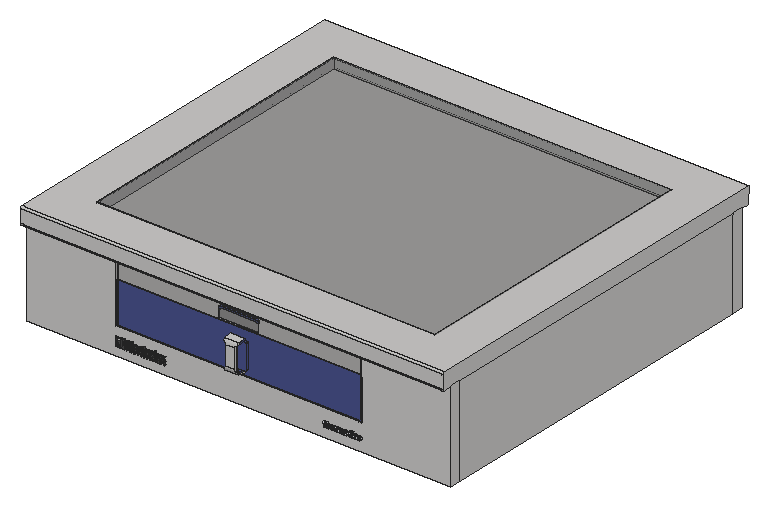
Revit family "QF_ELECTROLUXPROFESSIONAL_589144_MCRBAAJOBO", category Attrezzature speciali, Revit 2020
Family settings
  Quota connettore circolare = Usa diametro
  Tipo di parte = Normale
  Basato su piano di lavoro = No
  Sempre verticale = Sì
  Taglio con vuoti quando caricato = No
  Condiviso = No
  Punto di calcolo locali = No
Parameters (values of type "Standard")
  Weight = 42.00 kg
  Watts = 950 W
  Volts = 230 V
  URL Manufacturer = "https://www.electroluxprofessional.com/"
  URL = "https://www.electroluxprofessional.com/"
  Steam Supply Size = 0"
  Steam Supply Minimum Pressure = 0.00 psi
  Steam Supply Maximum Pressure = 0.00 psi
  Steam Consumption per Hour = 0
  Refrigeration Suction Line Size = 0 mm
  Refrigeration Liquid Line Size = 0 mm
  Refrigerant Compressor Remote = yes
  Prospetto di default = 0 mm
  Phase = 1
  Modello = "MCRBAAJOBO"
  Produttore = "Electrolux Professional"
  Length Actual = 1000 mm  # constant formula
  Item Number = "589144"
  Hot Water Size = 0"
  Height Actual = 250 mm  # constant formula
  HP = "1.3 HP"
  Gas Size = 0"
  Gas KW = 0
  Gas Input Pressure = 0.0 Btu/h
  Direct Waste Size = 0"
  Descrizione = "EL.WARMING PLATE,1S,1000X900X250H"
  Depth Actual = 900 mm  # constant formula
  Cycle = 50 Hz
  Condensate Return Size = 0"
  Compressed Air Volume = 0 GPM
  Compressed Air Size = 0"
  Compressed Air Pressure = 0.00 psi
  Cold Water Size = 0"
  Accessory = yes
Reference planes
  plane 1 "BACK": y = 0
  plane 2: z = 0
  plane 3 "LEFT": x = 0
  plane 4 "RIGHT": x = 1000
  plane 5 "FRONT": y = -900
  plane 6 "TOP": z = 900
  plane 7 "Center (Left/Right)": x = 500
  plane 8: y = -450
  plane 9: y = -150
  plane 10: x = 100
  plane 11: x = 900
  plane 12: y = -100
  plane 13: y = -800
  plane 14 "EIx": x = 955
  plane 15 "EIy": y = -685
  plane 16: z = 938
  plane 17 "BaseTop": z = 650
  plane 18: y = -855
Forms (mm)
  Extrusion 1, solid, material "QF_Finishes_Stainless Steel"
    sketch origin (-178.969, -4572, 100) x (-1, 0, 0) y (0, -1, 0)
      loop
        line (-178.969, -4527) -> (-178.969, -3717) -> (-1178.969, -3717) -> (-1178.969, -4527) -> (-178.969, -4527)
    from 550 to 762.969
  Extrusion 2, solid, material "QF_Finishes_Stainless Steel"
    sketch origin (0, 0, 650) x (-1, 0, 0) y (0, -1, 0)
      loop
        circle (-955, 685) r 6.35
    from 0 to -11.851
  Extrusion 3, solid, material "QF_Finishes_Stainless Steel"
    sketch origin (500, 296.4, 1219.2) x (0, 1, 0) y (0, 0, 1)
      loop
        line (-296.4, -319.2) -> (-1191.4, -319.2)
        arc (-1191.4, -319.2) -> (-1194.935, -320.664) -> (-1196.4, -324.2) r 5
        line (-1196.4, -324.2) -> (-1196.4, -355.2)
        arc (-1196.4, -355.2) -> (-1194.971, -358.264) -> (-1191.705, -359.139) r 4
        line (-1191.705, -359.139) -> (-1176.4, -356.231) -> (-316.4, -356.231) -> (-301.094, -359.139)
        arc (-301.094, -359.139) -> (-297.829, -358.264) -> (-296.4, -355.2) r 4
        line (-296.4, -355.2) -> (-296.4, -319.2)
    from -500 to 500
  Extrusion 4, solid, material "QF_Finishes_Electrolux_Black Smoke Iluminated"
    sketch origin (0, 0, 900) x (-1, 0, 0) y (0, -1, 0)
      loop
        line (-100, 100) -> (-100, 800) -> (-900, 800) -> (-900, 100) -> (-100, 100)
    from 1 to -20
  Extrusion 5, void
    sketch origin (0, 0, 900) x (-1, 0, 0) y (0, -1, 0)
      loop
        line (-100, 800) -> (-900, 800) -> (-900, 100) -> (-100, 100) -> (-100, 800)
    from 0 to -25
  Extrusion 6, solid, material "QF_Finishes_Stainless Steel"
    sketch origin (500, 296.4, 1219.2) x (0, 1, 0) y (0, 0, 1)
      loop
        line (-341.4, -569.2) -> (-316.4, -569.2) -> (-316.4, -356.231) -> (-341.4, -356.231) -> (-341.4, -569.2)
    from 500 to -500
Cuts and joins
  Extrusion 5 cuts Extrusion 3
Lines and regions (mm)
  symbolic lines
    curve 1: line (0, 0, 100) -> (1000, 0, 100)
    curve 2: line (0, -900, 100) -> (0, 0, 100)
    curve 3: line (1000, -900, 100) -> (0, -900, 100)
    curve 4: line (1000, 0, 100) -> (1000, -900, 100)
    curve 5: line (100, -800, 0) -> (900, -800, 0)
    curve 6: line (900, -800, 0) -> (900, -100, 0)
    curve 7: line (900, -100, 0) -> (100, -100, 0)
    curve 8: line (100, -100, 0) -> (100, -800, 0)
Dimensions and locks
  plane 3 "LEFT" to plane 4 "RIGHT" = 1000 mm
  locked: plane 5 "FRONT" to plane 1 "BACK" at 900
  equal spacing: plane 3 "LEFT", plane 7 "Center (Left/Right)", plane 4 "RIGHT"
  equal spacing: plane 5 "FRONT", plane 8, plane 1 "BACK"
  plane 6 "TOP" to level = 900 mm  (x2)
  plane 1 "BACK" to plane 9 = 150 mm
  plane 1 "BACK" to Extrusion 2 = 685 mm
  locked: plane 14 "EIx" to plane 4 "RIGHT" at 45
  locked: plane 15 "EIy" to plane 1 "BACK" at 685
  plane 16 to plane 6 "TOP" = 38 mm
  locked: plane 12 to plane 1 "BACK" at 100
  locked: plane 5 "FRONT" to plane 13 at 100
  plane 3 "LEFT" to plane 10 = 100 mm
  plane 11 to plane 4 "RIGHT" = 100 mm
  locked: plane 6 "TOP" to plane 17 "BaseTop" at 250
  locked: plane 18 to plane 5 "FRONT" at 45
  aligned and locked: level to plane 2
  aligned and locked: cut or joined group of Extrusion 3, Extrusion 5 to plane 3 "LEFT"
  aligned and locked: cut or joined group of Extrusion 3, Extrusion 5 to plane 4 "RIGHT"
  aligned and locked: Extrusion 5 sketch curve to plane 10
  aligned and locked: plane 12 to Extrusion 5 sketch curve
  aligned and locked: plane 11 to Extrusion 5 sketch curve
  aligned and locked: Extrusion 5 sketch curve to plane 13
  aligned and locked: plane 12 to Extrusion 4 sketch curve
  aligned and locked: Extrusion 4 sketch curve to plane 10
  aligned and locked: Extrusion 4 sketch curve to plane 13
  aligned and locked: plane 11 to Extrusion 4 sketch curve
  aligned and locked: nested 1 to plane 18
  aligned and locked: Extrusion 1 to plane 18
  aligned and locked: Extrusion 6 to plane 4 "RIGHT"
  aligned and locked: Extrusion 6 to plane 3 "LEFT"
Automatic sketch dimensions
  Extrusion 3 sketch curve to plane 5 "FRONT" = 0 mm
  Extrusion 3 sketch curve to plane 6 "TOP" = 0 mm
  Extrusion 3 sketch curve to plane 1 "BACK" = 0 mm
  Extrusion 3 sketch curve to plane 5 "FRONT" = 4 mm
  Extrusion 3 sketch curve to Extrusion 3 sketch curve = 0.695 mm
  Extrusion 3 sketch curve to plane 5 "FRONT" = 5 mm
  Extrusion 3 sketch curve to Extrusion 3 sketch curve = 15.305 mm
  plane 1 "BACK" to Extrusion 3 sketch curve = 20 mm
  plane 1 "BACK" to Extrusion 3 sketch curve = 4.695 mm
  Extrusion 3 sketch curve to Extrusion 3 sketch curve = 4 mm
  Extrusion 3 sketch curve to Extrusion 3 sketch curve = 31 mm
  Extrusion 3 sketch curve to plane 6 "TOP" = 36 mm
  Extrusion 3 sketch curve to Extrusion 3 sketch curve = 2.909 mm
  Extrusion 1 sketch curve to plane 4 "RIGHT" = 0 mm
  Extrusion 1 sketch curve to plane 3 "LEFT" = 0 mm
  plane 1 "BACK" to Extrusion 1 sketch curve = 45 mm
  plane 1 "BACK" to curve 1 = 0 mm
  curve 1 to plane 4 "RIGHT" = 0 mm
  curve 2 to plane 3 "LEFT" = 0 mm
  plane 5 "FRONT" to curve 3 = 0 mm
  curve 5 to plane 10 = 0 mm
  curve 5 to plane 11 = 0 mm
  plane 13 to curve 6 = 0 mm
  plane 12 to curve 6 = 0 mm
  Extrusion 2 sketch curve to plane 14 "EIx" = 0 mm
  Extrusion 2 sketch curve to plane 15 "EIy" = 0 mm
  Extrusion 1 sketch curve to plane 5 "FRONT" = 45 mm
  Extrusion 6 sketch curve to plane 17 "BaseTop" = 0 mm
  plane 1 "BACK" to Extrusion 6 sketch curve = 45 mm
  plane 1 "BACK" to Extrusion 6 sketch curve = 20 mm
  Extrusion 6 sketch curve to plane 6 "TOP" = 37.031 mm
  radius of Extrusion 2 sketch curve = 6.35 mm
Nested families
  nested 1: "Front_Panel_W1000_1 Knob" at (302.376, -855, 0), type "Front_Panel_W1000_1 Knob"
Connectors
  electrical at (955, -685, 638.149)
    settings: on Extrusion 2, index 1, voltage 400 V, apparent load 33000 VA, apparent load phase1 0 VA, apparent load phase2 0 VA, apparent load phase3 0 VA, power factor 1, load classification "Other", number of poles 1, system type 30, power factor state 1, is connector primary yes, connector utility no, sub classification motor no, connector description "ELECTRICAL CONNECTION"
Definition of nested family "Front_Panel_W1000_1 Knob"
  Parameters
    Width = 1000 mm
    Default Elevation = 0 mm
  Reference planes
    plane 1 "Center (Front/Back)": y = 0
    plane 2: z = 0
    plane 3 "Center (Left/Right)": x = 197.624
    plane 4 "Left": x = -302.376
    plane 5 "Right": x = 697.624
    plane 6: y = -45
    plane 7: y = -25
    plane 8: x = 487.624
    plane 9: x = -92.376
  Forms (mm)
    Extrusion 1, solid
      sketch origin (833.217, 829.203, -1.25) x (0, 1, 0) y (0, 0, 1)
        loop
          line (-854.203, 651.25) -> (-829.203, 651.25) -> (-829.203, 864.25) -> (-854.203, 864.25) -> (-854.203, 651.25)
      from -1135.593 to -135.593
    Extrusion 2, void
      sketch origin (0, 0, 0) x (1, 0, 0) y (0, 0, 1)
        loop
          line (-92.376, 853.866) -> (-92.376, 711.866) -> (487.624, 711.866) -> (487.624, 853.866) -> (-92.376, 853.866)
      from 19.387 to 33.951
  Cuts and joins
    Extrusion 2 cuts Extrusion 1
  Dimensions and locks
    equal spacing: plane 5 "Right", plane 3 "Center (Left/Right)", plane 4 "Left"
    "Width": plane 5 "Right" to plane 4 "Left"
    aligned and locked: cut or joined group of Extrusion 1, Extrusion 2 to plane 4 "Left"
    aligned and locked: plane 5 "Right" to cut or joined group of Extrusion 1, Extrusion 2
    aligned and locked: plane 3 "Center (Left/Right)" to nested 1
    aligned and locked: cut or joined group of Extrusion 1, Extrusion 2 to nested 1
    aligned and locked: plane 9 to Extrusion 2 sketch curve
    aligned and locked: Extrusion 2 sketch curve to plane 8
    aligned and locked: plane 9 to cut or joined group of Extrusion 1, Extrusion 2
    aligned and locked: plane 8 to cut or joined group of Extrusion 1, Extrusion 2
    aligned and locked: nested 4 to plane 9
  Automatic sketch dimensions
    Extrusion 1 sketch curve to plane 1 "Center (Front/Back)" = 0 mm
    level to Extrusion 1 sketch curve = 650 mm
    level to Extrusion 2 sketch curve = 711.866 mm
    Extrusion 2 sketch curve to Extrusion 2 sketch curve = 142 mm
    Extrusion 1 sketch curve to plane 6 = 20 mm
    Extrusion 1 sketch curve to Extrusion 1 sketch curve = 213 mm
  Nested families
    nested 1: "Front glass control panel W580_1 Knob" at (197.624, 280.644, 2.752), type "Front glass control panel W580_1 Knob"
    nested 2: "Range Control Handle" at (197.624, -28.137, -209.113) x (-1, 0, 0) z (0, 0, 1), type "Range Control Handle"
    nested 3: "ELX_ThermaLine_Small" at (439.031, -25, 679.426) x (1, 0, 0) z (0, -1, 0), type "ELX_ThermaLine_Small"
      with Show Logo yes, Material_Logo none
    nested 4: "ELX_Professional_Logo_Small" at (-32.89, -25, 681.659) x (1, 0, 0) z (0, -1, 0), type "ELX_Professional_Logo_Small"
      with Show Logo yes, Material_Logo none
  Definition of nested family "Front glass control panel W580_1 Knob"
    Parameters
      Default Elevation = 0 mm
    Reference planes
      plane 1 "Center (Front/Back)": y = 0
      plane 2: z = 0
      plane 3 "Center (Left/Right)": x = 0
    Forms (mm)
      Extrusion 1, solid
        sketch origin (378.286, 0, 0.617) x (1, 0, 0) y (0, 0, 1)
          loop
            line (-668.286, 806.791) -> (-668.286, 708.497) -> (-88.286, 708.497) -> (-88.286, 806.791) -> (-668.286, 806.791)
        from 300.031 to 304.8
      Extrusion 2, solid
        sketch origin (378.286, 0, 0.617) x (1, 0, 0) y (0, 0, 1)
          loop
            line (-668.286, 850.497) -> (-668.286, 806.791) -> (-88.286, 806.791) -> (-88.286, 850.497) -> (-668.286, 850.497)
        from 300.031 to 304.8
      Extrusion 3, void
        sketch origin (378.286, 0, 0.617) x (1, 0, 0) y (0, 0, 1)
          loop
            line (-665.628, 847.565) -> (-665.628, 710.699) -> (-91.196, 710.699) -> (-91.196, 847.565) -> (-665.628, 847.565)
        from 303.697 to 304.8
      Extrusion 4, solid
        sketch origin (308.309, 1.101, -0.633) x (1, 0, 0) y (0, 0, 1)
          loop
            line (-261.431, 812.62) -> (-261.431, 834.177) -> (-266.24, 834.177) -> (-268.039, 835.977) -> (-348.469, 835.977) -> (-350.269, 834.177) -> (-355.186, 834.177) -> (-355.186, 812.62) -> (-261.431, 812.62)
        from 304.798 to 306.745
      Extrusion 5, solid
        sketch origin (308.309, 1.101, -0.633) x (1, 0, 0) y (0, 0, 1)
          loop
            line (-350.269, 834.177) -> (-348.469, 835.977) -> (-268.039, 835.977) -> (-266.24, 834.177) -> (-261.529, 834.177)
            arc (-261.529, 834.177) -> (-262.706, 838.752) -> (-266.98, 840.763) r 5.549
            line (-266.98, 840.763) -> (-349.686, 840.763)
            arc (-349.686, 840.763) -> (-353.942, 838.747) -> (-355.078, 834.177) r 5.5
            line (-355.078, 834.177) -> (-350.269, 834.177)
        from 304.798 to 306.745
    Cuts and joins
      Extrusion 3 cuts Extrusion 1
      Extrusion 3 cuts Extrusion 2
    Dimensions and locks
      equal spacing: cut or joined group of Extrusion 2, Extrusion 3, plane 3 "Center (Left/Right)", cut or joined group of Extrusion 2, Extrusion 3
      cut or joined group of Extrusion 2, Extrusion 3 to cut or joined group of Extrusion 2, Extrusion 3 = 580 mm
      aligned and locked: Extrusion 1 to Extrusion 2
      aligned and locked: Extrusion 5 sketch curve to Extrusion 4  (x4)
      aligned and locked: Extrusion 4 to Extrusion 5 sketch curve
      aligned and locked: Extrusion 5 to Extrusion 4
    Automatic sketch dimensions
      Extrusion 1 sketch curve to plane 3 "Center (Left/Right)" = 290 mm
      plane 3 "Center (Left/Right)" to Extrusion 1 sketch curve = 290 mm
      level to Extrusion 1 sketch curve = 709.114 mm
      Extrusion 1 sketch curve to Extrusion 1 sketch curve = 98.294 mm
      Extrusion 2 sketch curve to plane 3 "Center (Left/Right)" = 290 mm
      plane 3 "Center (Left/Right)" to Extrusion 2 sketch curve = 290 mm
      level to Extrusion 2 sketch curve = 807.408 mm
      Extrusion 2 sketch curve to Extrusion 2 sketch curve = 43.706 mm
      Extrusion 3 sketch curve to plane 3 "Center (Left/Right)" = 287.342 mm
      plane 3 "Center (Left/Right)" to Extrusion 3 sketch curve = 287.091 mm
      level to Extrusion 3 sketch curve = 711.316 mm
      Extrusion 3 sketch curve to Extrusion 3 sketch curve = 136.866 mm
      Extrusion 4 sketch curve to plane 3 "Center (Left/Right)" = 46.877 mm
      Extrusion 4 sketch curve to Extrusion 4 sketch curve = 4.917 mm
      Extrusion 4 sketch curve to Extrusion 4 sketch curve = 1.8 mm  (x3)
      plane 3 "Center (Left/Right)" to Extrusion 4 sketch curve = 40.269 mm
      Extrusion 4 sketch curve to Extrusion 4 sketch curve = 4.809 mm
      level to Extrusion 4 sketch curve = 811.987 mm
      Extrusion 4 sketch curve to Extrusion 4 sketch curve = 21.557 mm  (x2)
      Extrusion 5 sketch curve to Extrusion 5 sketch curve = 4.809 mm
      Extrusion 5 sketch curve to Extrusion 5 sketch curve = 0.583 mm
      plane 3 "Center (Left/Right)" to Extrusion 5 sketch curve = 40.269 mm
      Extrusion 5 sketch curve to Extrusion 5 sketch curve = 1.059 mm
      Extrusion 5 sketch curve to Extrusion 5 sketch curve = 0.741 mm
      Extrusion 5 sketch curve to Extrusion 5 sketch curve = 4.711 mm
      Extrusion 5 sketch curve to Extrusion 5 sketch curve = 1.037 mm
  Definition of nested family "Range Control Handle"
    Parameters
      Default Elevation = 0 mm
    Reference planes
      plane 1 "Center (Front/Back)": y = 0
      plane 2: z = 0
      plane 3 "Center (Left/Right)": x = 0
      plane 4: z = 971.092
      plane 5: y = -16.9
    Forms (mm)
      Extrusion 1, solid
        sketch origin (-746.28, 380.497, 208.931) x (-1, 0, 0) y (0, 0, 1)
          loop
            line (-770.101, 786.798) -> (-770.101, 731.649)
            arc (-770.101, 731.649) -> (-769.759, 730.563) -> (-768.855, 729.87) r 1.893
            line (-768.855, 729.87) -> (-763.474, 727.911) -> (-729.81, 727.911) -> (-724.428, 729.87)
            arc (-724.428, 729.87) -> (-723.525, 730.563) -> (-723.183, 731.649) r 1.893
            line (-723.183, 731.649) -> (-723.183, 786.798)
            arc (-723.183, 786.798) -> (-723.529, 787.894) -> (-724.44, 788.593) r 1.91
            line (-724.44, 788.593) -> (-729.683, 790.819) -> (-763.601, 790.819) -> (-768.844, 788.593)
            arc (-768.844, 788.593) -> (-769.755, 787.894) -> (-770.101, 786.798) r 1.91
        from -382.35 to -378.852
      Sweep 2, solid
        path origin (-746.788, 380.496, 208.091) x (0, -1, 0) y (0, 0, 1)
          loop
            line (379.775, 793.281) -> (395.661, 791.048)
            arc (395.661, 791.048) -> (397.781, 787.377) -> (398.517, 783.202) r 12.207
            line (398.517, 783.202) -> (398.517, 737.368)
            arc (398.517, 737.368) -> (397.781, 733.193) -> (395.661, 729.522) r 12.207
            line (395.661, 729.522) -> (379.775, 727.289)
        profile origin (-746.788, -7.222, 1000.256) x (0, -0.139173, 0.990268) y (-1, 0, 0)
          loop
            line (0.782, -763.123) -> (0.782, -730.907) -> (-1.322, -730.907) -> (-1.322, -763.123) -> (0.782, -763.123)
      Sweep 3, solid
        path origin (-746.788, 380.715, 207.832) x (0, -1, 0) y (0, 0, 1)
          loop
            line (380.478, 795.442) -> (397.218, 793.09)
            arc (397.218, 793.09) -> (399.929, 788.473) -> (400.871, 783.202) r 15.207
            line (400.871, 783.202) -> (400.871, 737.584)
            arc (400.871, 737.584) -> (399.914, 732.274) -> (397.164, 727.633) r 15.207
            line (397.164, 727.633) -> (380.601, 725.305)
        profile origin (-746.788, -8.132, 1002.099) x (0, -0.139173, 0.990268) y (-1, 0, 0)
          loop
            line (0.782, -763.123) -> (0.782, -730.907) -> (-1.322, -730.907) -> (-1.322, -763.123) -> (0.782, -763.123)
      Extrusion 4, void
        sketch origin (889.253, 220.666, 207.993) x (1, 0, 0) y (0, 0, 1)
          loop
            line (-943.038, 816.854) -> (-943.038, 703.686) -> (-899.466, 734.196) -> (-899.466, 786.344) -> (-943.038, 816.854)
        from 230.636 to 242.25
      Extrusion 5, void
        sketch origin (-888.8, 220.666, 207.993) x (-1, 0, 0) y (0, 0, -1)
          loop
            line (-943.038, -816.854) -> (-899.466, -786.344) -> (-899.466, -734.196) -> (-943.038, -703.686) -> (-943.038, -816.854)
        from 230.636 to 242.25
      Extrusion 6, solid
        sketch origin (0, 0, 0) x (1, 0, 0) y (0, 0, 1)
          loop
            circle (0, 971.092) r 7.736
        from -3.137 to -1.645
    Cuts and joins
      Extrusion 4, Extrusion 5 cuts Sweep 3
      Extrusion 4, Extrusion 5 cuts Sweep 2
      joined: Extrusion 1, Extrusion 6
    Lines and regions (mm)
      symbolic lines
        curve 1: line (16.334, -16.9, 0) -> (16.334, -19.227, 0)
        curve 2: spline (16.334, -19.227, 0) -> (15.87, -19.385, 0) -> (15.404, -19.536, 0) -> (14.936, -19.678, 0) -> (14.466, -19.813, 0) -> (13.995, -19.94, 0) -> (13.523, -20.059, 0) -> (13.049, -20.171, 0) -> (12.575, -20.274, 0) -> (12.099, -20.37, 0) -> (11.622, -20.458, 0) -> (11.144, -20.537, 0) -> (10.666, -20.609, 0)
        curve 3: line (10.666, -16.9, 0) -> (10.666, -20.938, 0)
        curve 4: line (-10.213, -20.938, 0) -> (10.666, -20.938, 0)
        curve 5: line (-10.213, -20.938, 0) -> (-10.213, -16.9, 0)
        curve 6: spline (-10.213, -20.609, 0) -> (-10.691, -20.537, 0) -> (-11.169, -20.458, 0) -> (-11.646, -20.37, 0) -> (-12.122, -20.274, 0) -> (-12.597, -20.171, 0) -> (-13.07, -20.059, 0) -> (-13.542, -19.94, 0) -> (-14.013, -19.813, 0) -> (-14.483, -19.678, 0) -> (-14.951, -19.536, 0) -> (-15.417, -19.385, 0) -> (-15.881, -19.227, 0)
        curve 7: line (-15.881, -19.227, 0) -> (-15.881, -16.9, 0)
  Definition of nested family "ELX_ThermaLine_Small"
    Parameters
      Show Logo [instance] = yes
      Material_Logo [instance] = none
      Default Elevation = 0 mm
    Reference planes
      plane 1 "Centro (Fronte/Retro)": y = 0
      plane 2: z = 0
      plane 3 "Centro (Sinistra/Destra)": x = 0
    Forms (mm)
      Extrusion 1, solid
        sketch origin (0, 0, 0) x (1, 0, 0) y (0, 1, 0)
          loop
            line (-1219.2, 1219.2) -> (-1219.2, -1219.2) -> (1219.2, -1219.2) -> (1219.2, 1219.2) -> (-1219.2, 1219.2)
        from 0 to -304.8
      Extrusion 2, solid
        sketch origin (0, 0, 0) x (1, 0, 0) y (0, 1, 0)
          loop
            line (-37.494, 1.229) -> (-35.908, 1.229) -> (-35.908, 3.066) -> (-37.494, 3.066) -> (-37.494, 6.221) -> (-39.867, 4.881) -> (-39.867, 3.066) -> (-40.969, 3.066) -> (-40.969, 1.229) -> (-39.867, 1.229) -> (-39.867, -3.407)
            arc (-39.867, -3.407) -> (-38.982, -5.513) -> (-36.751, -6.001) r 2.478
            line (-36.751, -6.001) -> (-35.638, -5.7) -> (-35.9, -3.835) -> (-36.661, -4.039)
            arc (-36.661, -4.039) -> (-37.236, -3.924) -> (-37.494, -3.399) r 0.662
            line (-37.494, -3.399) -> (-37.494, 1.229)
          loop
            line (-34.242, 6.539) -> (-34.242, -5.848) -> (-31.854, -5.848) -> (-31.854, -0.078)
            arc (-31.854, -0.078) -> (-30.939, 1.249) -> (-29.33, 1.367) r 1.866
            arc (-29.33, 1.367) -> (-28.695, 0.768) -> (-28.461, -0.073) r 1.627
            line (-28.461, -0.073) -> (-28.461, -5.848) -> (-26.086, -5.848) -> (-26.064, -0.46)
            arc (-26.064, -0.46) -> (-26.261, 0.932) -> (-26.786, 2.237) r 5.825
            arc (-26.786, 2.237) -> (-29.381, 3.264) -> (-31.854, 1.971) r 3.353
            line (-31.854, 1.971) -> (-31.854, 6.539) -> (-34.242, 6.539)
          loop
            arc (-18.398, -0.598) -> (-18.893, 0.879) -> (-20.326, 1.487) r 1.897
            arc (-20.326, 1.487) -> (-21.461, 0.708) -> (-21.897, -0.598) r 2.164
            line (-21.897, -0.598) -> (-18.398, -0.598)
          loop
            arc (-16.021, -2.044) -> (-16.754, 1.227) -> (-19.444, 3.226) r 4.814
            arc (-19.444, 3.226) -> (-22.137, 2.788) -> (-23.943, 0.743) r 4.054
            arc (-23.943, 0.743) -> (-24.382, -1.249) -> (-24.162, -3.276) r 6.289
            arc (-24.162, -3.276) -> (-23.302, -4.71) -> (-21.958, -5.705) r 4.28
            arc (-21.958, -5.705) -> (-18.558, -5.814) -> (-16.152, -3.409) r 4.28
            line (-16.152, -3.409) -> (-18.5, -2.995)
            arc (-18.5, -2.995) -> (-19.273, -3.994) -> (-20.533, -4.076) r 1.536
            arc (-20.533, -4.076) -> (-21.56, -3.281) -> (-21.958, -2.044) r 2.197
            line (-21.958, -2.044) -> (-16.021, -2.044)
          loop
            line (-14.165, -5.848) -> (-11.819, -5.848) -> (-11.819, -2.138)
            arc (-11.819, -2.138) -> (-11.787, -1.156) -> (-11.637, -0.185) r 8.18
            arc (-11.637, -0.185) -> (-10.644, 0.972) -> (-9.132, 0.776) r 1.603
            line (-9.132, 0.776) -> (-8.419, 2.846)
            arc (-8.419, 2.846) -> (-10.432, 3.118) -> (-11.994, 1.821) r 2.527
            line (-11.994, 1.821) -> (-11.994, 3.094) -> (-14.165, 3.094) -> (-14.165, -5.848)
          loop
            line (-7.579, 3.094) -> (-7.579, -5.848) -> (-5.178, -5.848) -> (-5.178, -0.756)
            arc (-5.178, -0.756) -> (-4.727, 0.679) -> (-3.417, 1.419) r 2.05
            arc (-3.417, 1.419) -> (-2.499, 0.908) -> (-2.155, -0.085) r 1.471
            line (-2.155, -0.085) -> (-2.155, -5.848) -> (0.23, -5.848) -> (0.23, -1.001)
            arc (0.23, -1.001) -> (0.47, 0.127) -> (1.148, 1.061) r 2.775
            arc (1.148, 1.061) -> (2.225, 1.329) -> (3.05, 0.587) r 1.182
            arc (3.05, 0.587) -> (3.199, -0.019) -> (3.214, -0.642) r 2.894
            line (3.214, -0.642) -> (3.214, -5.848) -> (5.601, -5.848) -> (5.601, 0.261)
            arc (5.601, 0.261) -> (4.87, 2.263) -> (2.976, 3.241) r 2.932
            arc (2.976, 3.241) -> (1.284, 2.973) -> (-0.047, 1.896) r 3.309
            arc (-0.047, 1.896) -> (-1.116, 2.865) -> (-2.506, 3.258) r 3.16
            arc (-2.506, 3.258) -> (-4.105, 2.942) -> (-5.376, 1.92) r 3.419
            line (-5.376, 1.92) -> (-5.376, 3.094) -> (-7.579, 3.094)
          loop
            line (7.583, 0.738) -> (9.702, 0.364)
            arc (9.702, 0.364) -> (11.441, 1.492) -> (12.855, -0.023) r 1.613
            line (12.855, -0.023) -> (9.782, -0.789)
            arc (9.782, -0.789) -> (8.559, -1.346) -> (7.617, -2.305) r 3.687
            arc (7.617, -2.305) -> (7.499, -3.681) -> (7.901, -5.003) r 3.651
            arc (7.901, -5.003) -> (9.107, -5.766) -> (10.515, -6.006) r 3.635
            arc (10.515, -6.006) -> (11.898, -5.697) -> (13.067, -4.895) r 3.734
            line (13.067, -4.895) -> (13.376, -5.848) -> (15.75, -5.848) -> (15.212, -4.193) -> (15.212, 0.38)
            arc (15.212, 0.38) -> (14.897, 1.849) -> (13.818, 2.895) r 2.585
            arc (13.818, 2.895) -> (11.792, 3.442) -> (9.719, 3.11) r 5.005
            arc (9.719, 3.11) -> (8.369, 2.178) -> (7.583, 0.738) r 3.54
          loop
            line (19.723, -5.848) -> (22.233, -5.848) -> (24.854, 6.484) -> (22.345, 6.484) -> (19.723, -5.848)
          loop
            line (24.583, -5.848) -> (26.953, -5.848) -> (28.848, 3.066) -> (26.478, 3.066) -> (24.583, -5.848)
          loop
            line (27.204, 6.484) -> (26.741, 4.305) -> (29.111, 4.305) -> (29.575, 6.484) -> (27.204, 6.484)
          loop
            line (29.355, -5.848) -> (31.849, -5.848) -> (33.098, 0.028)
            arc (33.098, 0.028) -> (34.169, 1.306) -> (35.832, 1.422) r 2.132
            arc (35.832, 1.422) -> (36.324, 0.752) -> (36.383, -0.078) r 1.5
            line (36.383, -0.078) -> (35.157, -5.848) -> (37.536, -5.848) -> (38.936, 0.738)
            arc (38.936, 0.738) -> (38.775, 2.091) -> (37.825, 3.066) r 2.118
            arc (37.825, 3.066) -> (35.392, 3.175) -> (33.295, 1.937) r 4.271
            line (33.295, 1.937) -> (33.535, 3.066) -> (31.25, 3.066) -> (29.355, -5.848)
          loop
            line (42.792, -0.64) -> (46.589, -0.64)
            arc (46.589, -0.64) -> (46.639, 0.124) -> (46.327, 0.823) r 1.589
            arc (46.327, 0.823) -> (45.117, 1.521) -> (43.762, 1.183) r 1.865
            arc (43.762, 1.183) -> (43.141, 0.344) -> (42.792, -0.64) r 3.538
          loop
            line (42.565, -2.138) -> (48.593, -2.138)
            arc (48.593, -2.138) -> (48.58, 0.597) -> (46.983, 2.818) r 4.494
            arc (46.983, 2.818) -> (44.191, 3.28) -> (41.725, 1.891) r 4.26
            arc (41.725, 1.891) -> (40.503, -0.3) -> (40.284, -2.799) r 6.003
            arc (40.284, -2.799) -> (40.959, -4.468) -> (42.377, -5.576) r 3.482
            arc (42.377, -5.576) -> (44.265, -5.961) -> (46.152, -5.576) r 4.823
            arc (46.152, -5.576) -> (47.432, -4.731) -> (48.328, -3.485) r 4.245
            line (48.328, -3.485) -> (46.168, -3.105)
            arc (46.168, -3.105) -> (45.214, -4.072) -> (43.859, -4.181) r 1.953
            arc (43.859, -4.181) -> (42.821, -3.408) -> (42.565, -2.138) r 1.81
          loop
            line (12.868, -1.553) -> (10.216, -2.214)
            arc (10.216, -2.214) -> (9.747, -3.136) -> (10.216, -4.058) r 1.14
            arc (10.216, -4.058) -> (11.537, -4.249) -> (12.614, -3.46) r 1.763
            arc (12.614, -3.46) -> (12.858, -2.522) -> (12.868, -1.553) r 3.97
        from 0 to 1.6
    Dimensions and locks
      aligned and locked: plane 2 to Extrusion 1
      aligned and locked: level to Extrusion 1
  Definition of nested family "ELX_Professional_Logo_Small"
    Parameters
      Show Logo [instance] = yes
      Material_Logo [instance] = none
      Default Elevation = 0 mm
    Reference planes
      plane 1 "Centro (Fronte/Retro)": y = 0
      plane 2: z = 0
      plane 3 "Centro (Sinistra/Destra)": x = 0
    Forms (mm)
      Extrusion 1, solid
        sketch origin (0, 0, 0) x (1, 0, 0) y (0, 1, 0)
          loop
            line (-1219.2, 1219.2) -> (-1219.2, -1219.2) -> (1219.2, -1219.2) -> (1219.2, 1219.2) -> (-1219.2, 1219.2)
        from 0 to -304.8
      Extrusion 2, solid, material <- "Material_Logo"
        sketch origin (15.5, 0, 0) x (1, 0, 0) y (0, 1, 0)
          loop
            spline (-42.99, -1.24) -> (-43.195, -1.231) -> (-43.415, -1.203) -> (-43.642, -1.152) -> (-43.87, -1.074) -> (-44.095, -0.966) -> (-44.309, -0.825) -> (-44.506, -0.647) -> (-44.681, -0.429) -> (-44.828, -0.167) -> (-44.94, 0.142) -> (-45.011, 0.501) -> (-45.037, 0.915)
            line (-45.037, 0.915) -> (-45.037, 2.748) -> (-38.984, 2.748) -> (-38.984, 5.086) -> (-45.038, 5.086) -> (-45.038, 8.489) -> (-38.599, 8.489) -> (-38.599, 10.82) -> (-47.515, 10.82) -> (-47.515, 1.021)
            spline (-47.515, 1.021) -> (-47.493, 0.418) -> (-47.425, -0.15) -> (-47.311, -0.682) -> (-47.15, -1.175) -> (-46.939, -1.628) -> (-46.678, -2.038) -> (-46.365, -2.404) -> (-46, -2.723) -> (-45.58, -2.995) -> (-45.105, -3.216) -> (-44.573, -3.385) -> (-43.983, -3.499)
            line (-43.983, -3.499) -> (-43.01, -3.569) -> (-38.426, -3.569) -> (-38.426, -1.24) -> (-42.99, -1.24)
          loop
            line (-36.666, 4.021) -> (-36.666, -3.573) -> (-34.188, -3.573) -> (-34.188, 10.824) -> (-36.666, 10.824) -> (-36.666, 4.021)
          loop
            spline (-21.915, 1.897) -> (-21.957, 2.615) -> (-22.082, 3.303) -> (-22.285, 3.955) -> (-22.563, 4.564) -> (-22.913, 5.124) -> (-23.331, 5.629) -> (-23.814, 6.074) -> (-24.359, 6.451) -> (-24.961, 6.755) -> (-25.618, 6.98) -> (-26.326, 7.119) -> (-27.081, 7.167)
            spline (-27.081, 7.167) -> (-27.853, 7.122) -> (-28.586, 6.99) -> (-29.275, 6.774) -> (-29.915, 6.478) -> (-30.5, 6.104) -> (-31.024, 5.657) -> (-31.483, 5.138) -> (-31.871, 4.553) -> (-32.182, 3.904) -> (-32.411, 3.194) -> (-32.552, 2.427) -> (-32.6, 1.606)
            spline (-32.6, 1.606) -> (-32.553, 0.805) -> (-32.416, 0.057) -> (-32.193, -0.637) -> (-31.887, -1.271) -> (-31.504, -1.843) -> (-31.048, -2.35) -> (-30.523, -2.788) -> (-29.934, -3.154) -> (-29.284, -3.444) -> (-28.579, -3.656) -> (-27.822, -3.785) -> (-27.019, -3.829)
            spline (-27.019, -3.829) -> (-26.627, -3.82) -> (-26.239, -3.79) -> (-25.856, -3.739) -> (-25.477, -3.663) -> (-25.103, -3.562) -> (-24.734, -3.432) -> (-24.369, -3.273) -> (-24.01, -3.082) -> (-23.655, -2.858) -> (-23.305, -2.597) -> (-22.96, -2.299) -> (-22.621, -1.962)
            line (-22.621, -1.962) -> (-24.114, -0.509)
            spline (-24.114, -0.509) -> (-24.311, -0.699) -> (-24.509, -0.872) -> (-24.71, -1.03) -> (-24.915, -1.172) -> (-25.126, -1.297) -> (-25.346, -1.407) -> (-25.576, -1.5) -> (-25.817, -1.576) -> (-26.072, -1.636) -> (-26.342, -1.678) -> (-26.629, -1.704) -> (-26.936, -1.713)
            spline (-26.936, -1.713) -> (-27.384, -1.691) -> (-27.805, -1.625) -> (-28.196, -1.518) -> (-28.556, -1.372) -> (-28.882, -1.187) -> (-29.174, -0.966) -> (-29.429, -0.71) -> (-29.645, -0.422) -> (-29.821, -0.102) -> (-29.955, 0.247) -> (-30.045, 0.623) -> (-30.089, 1.026)
            line (-30.089, 1.026) -> (-21.956, 1.026) -> (-21.915, 1.897)
          loop
            spline (-24.446, 2.769) -> (-24.47, 3.075) -> (-24.54, 3.37) -> (-24.654, 3.65) -> (-24.807, 3.913) -> (-24.996, 4.156) -> (-25.219, 4.376) -> (-25.472, 4.57) -> (-25.753, 4.736) -> (-26.057, 4.869) -> (-26.382, 4.968) -> (-26.724, 5.03) -> (-27.081, 5.051)
            spline (-27.081, 5.051) -> (-27.464, 5.03) -> (-27.832, 4.97) -> (-28.183, 4.872) -> (-28.513, 4.74) -> (-28.819, 4.577) -> (-29.099, 4.384) -> (-29.347, 4.165) -> (-29.563, 3.923) -> (-29.742, 3.659) -> (-29.881, 3.377) -> (-29.977, 3.079) -> (-30.027, 2.769)
            line (-30.027, 2.769) -> (-24.446, 2.769)
          loop
            spline (-18.167, 1.669) -> (-18.138, 2.13) -> (-18.055, 2.567) -> (-17.921, 2.978) -> (-17.739, 3.358) -> (-17.512, 3.705) -> (-17.243, 4.016) -> (-16.937, 4.287) -> (-16.596, 4.517) -> (-16.223, 4.7) -> (-15.823, 4.835) -> (-15.398, 4.919) -> (-14.951, 4.947)
            spline (-14.951, 4.947) -> (-14.677, 4.938) -> (-14.414, 4.913) -> (-14.162, 4.871) -> (-13.921, 4.812) -> (-13.69, 4.738) -> (-13.467, 4.649) -> (-13.254, 4.544) -> (-13.048, 4.424) -> (-12.85, 4.291) -> (-12.659, 4.143) -> (-12.474, 3.981) -> (-12.295, 3.806)
            line (-12.295, 3.806) -> (-10.76, 5.403)
            spline (-10.76, 5.403) -> (-11.065, 5.709) -> (-11.38, 5.984) -> (-11.703, 6.228) -> (-12.035, 6.443) -> (-12.375, 6.63) -> (-12.723, 6.788) -> (-13.078, 6.92) -> (-13.44, 7.026) -> (-13.809, 7.107) -> (-14.184, 7.164) -> (-14.564, 7.198) -> (-14.951, 7.209)
            spline (-14.951, 7.209) -> (-15.725, 7.161) -> (-16.467, 7.02) -> (-17.169, 6.792) -> (-17.826, 6.482) -> (-18.43, 6.096) -> (-18.976, 5.637) -> (-19.455, 5.112) -> (-19.862, 4.525) -> (-20.19, 3.882) -> (-20.433, 3.189) -> (-20.584, 2.449) -> (-20.635, 1.669)
            spline (-20.635, 1.669) -> (-20.584, 0.889) -> (-20.433, 0.149) -> (-20.19, -0.545) -> (-19.862, -1.187) -> (-19.455, -1.774) -> (-18.976, -2.299) -> (-18.43, -2.758) -> (-17.826, -3.145) -> (-17.169, -3.454) -> (-16.467, -3.682) -> (-15.725, -3.823) -> (-14.951, -3.871)
            spline (-14.951, -3.871) -> (-14.564, -3.86) -> (-14.184, -3.826) -> (-13.809, -3.77) -> (-13.44, -3.689) -> (-13.078, -3.583) -> (-12.723, -3.451) -> (-12.375, -3.292) -> (-12.035, -3.105) -> (-11.703, -2.89) -> (-11.38, -2.646) -> (-11.065, -2.371) -> (-10.76, -2.066)
            line (-10.76, -2.066) -> (-12.295, -0.468)
            spline (-12.295, -0.468) -> (-12.474, -0.643) -> (-12.659, -0.805) -> (-12.85, -0.953) -> (-13.048, -1.087) -> (-13.254, -1.206) -> (-13.467, -1.311) -> (-13.69, -1.4) -> (-13.921, -1.475) -> (-14.162, -1.533) -> (-14.414, -1.575) -> (-14.677, -1.6) -> (-14.951, -1.609)
            spline (-14.951, -1.609) -> (-15.398, -1.581) -> (-15.823, -1.497) -> (-16.223, -1.362) -> (-16.596, -1.179) -> (-16.937, -0.95) -> (-17.243, -0.678) -> (-17.512, -0.367) -> (-17.739, -0.02) -> (-17.921, 0.36) -> (-18.055, 0.771) -> (-18.138, 1.208) -> (-18.167, 1.669)
          loop
            spline (-4.441, -1.243) -> (-4.659, -1.247) -> (-4.894, -1.23) -> (-5.137, -1.19) -> (-5.384, -1.121) -> (-5.628, -1.021) -> (-5.864, -0.884) -> (-6.084, -0.708) -> (-6.283, -0.488) -> (-6.454, -0.219) -> (-6.592, 0.101) -> (-6.69, 0.478) -> (-6.742, 0.914)
            line (-6.742, 0.914) -> (-6.742, 4.587) -> (-4.487, 4.587) -> (-4.487, 6.838) -> (-6.738, 6.838) -> (-6.738, 10.824) -> (-9.217, 10.824) -> (-9.217, 0.773)
            spline (-9.217, 0.773) -> (-9.164, 0.19) -> (-9.068, -0.358) -> (-8.928, -0.87) -> (-8.742, -1.343) -> (-8.511, -1.777) -> (-8.232, -2.168) -> (-7.904, -2.515) -> (-7.527, -2.816) -> (-7.098, -3.069) -> (-6.618, -3.273) -> (-6.084, -3.426) -> (-5.496, -3.525)
            line (-5.496, -3.525) -> (-4.45, -3.573) -> (-4.441, -1.243)
          loop
            spline (3.898, 6.983) -> (3.469, 7.009) -> (3.056, 7.001) -> (2.661, 6.961) -> (2.283, 6.888) -> (1.925, 6.785) -> (1.588, 6.652) -> (1.272, 6.49) -> (0.979, 6.301) -> (0.71, 6.085) -> (0.465, 5.844) -> (0.247, 5.578) -> (0.056, 5.289)
            line (0.056, 5.289) -> (0.056, 6.838) -> (-2.402, 6.838) -> (-2.402, -3.572) -> (0.056, -3.572) -> (0.056, 1.901)
            spline (0.056, 1.901) -> (0.079, 2.316) -> (0.145, 2.703) -> (0.254, 3.06) -> (0.404, 3.386) -> (0.592, 3.679) -> (0.818, 3.938) -> (1.08, 4.162) -> (1.375, 4.348) -> (1.703, 4.495) -> (2.062, 4.602) -> (2.45, 4.668) -> (2.865, 4.69)
            line (2.865, 4.69) -> (3.898, 4.586) -> (3.898, 6.983)
          loop
            spline (15.638, 1.633) -> (15.586, 2.396) -> (15.435, 3.124) -> (15.192, 3.81) -> (14.863, 4.449) -> (14.455, 5.034) -> (13.975, 5.56) -> (13.43, 6.021) -> (12.826, 6.411) -> (12.17, 6.724) -> (11.469, 6.955) -> (10.729, 7.098) -> (9.958, 7.147)
            spline (9.958, 7.147) -> (9.182, 7.098) -> (8.44, 6.955) -> (7.737, 6.724) -> (7.081, 6.411) -> (6.477, 6.021) -> (5.933, 5.56) -> (5.454, 5.034) -> (5.048, 4.449) -> (4.721, 3.81) -> (4.479, 3.124) -> (4.329, 2.396) -> (4.277, 1.633)
            spline (4.277, 1.633) -> (4.329, 0.869) -> (4.479, 0.141) -> (4.721, -0.544) -> (5.048, -1.183) -> (5.454, -1.768) -> (5.933, -2.294) -> (6.477, -2.755) -> (7.081, -3.145) -> (7.737, -3.459) -> (8.44, -3.69) -> (9.182, -3.833) -> (9.958, -3.882)
            spline (9.958, -3.882) -> (10.729, -3.833) -> (11.469, -3.69) -> (12.17, -3.459) -> (12.826, -3.145) -> (13.43, -2.755) -> (13.975, -2.294) -> (14.455, -1.768) -> (14.863, -1.183) -> (15.192, -0.544) -> (15.435, 0.141) -> (15.586, 0.869) -> (15.638, 1.633)
          loop
            spline (13.18, 1.633) -> (13.151, 2.083) -> (13.067, 2.513) -> (12.932, 2.918) -> (12.748, 3.296) -> (12.52, 3.642) -> (12.251, 3.954) -> (11.943, 4.227) -> (11.601, 4.459) -> (11.228, 4.645) -> (10.828, 4.782) -> (10.403, 4.867) -> (9.958, 4.896)
            spline (9.958, 4.896) -> (9.509, 4.867) -> (9.081, 4.782) -> (8.679, 4.645) -> (8.306, 4.459) -> (7.964, 4.227) -> (7.658, 3.954) -> (7.39, 3.642) -> (7.163, 3.296) -> (6.981, 2.918) -> (6.847, 2.513) -> (6.765, 2.083) -> (6.736, 1.633)
            spline (6.736, 1.633) -> (6.765, 1.182) -> (6.847, 0.753) -> (6.981, 0.347) -> (7.163, -0.031) -> (7.39, -0.377) -> (7.658, -0.689) -> (7.964, -0.962) -> (8.306, -1.193) -> (8.679, -1.38) -> (9.081, -1.517) -> (9.509, -1.602) -> (9.958, -1.631)
            spline (9.958, -1.631) -> (10.403, -1.602) -> (10.828, -1.517) -> (11.228, -1.38) -> (11.601, -1.193) -> (11.943, -0.962) -> (12.251, -0.689) -> (12.52, -0.377) -> (12.748, -0.031) -> (12.932, 0.347) -> (13.067, 0.753) -> (13.151, 1.182) -> (13.18, 1.633)
          loop
            line (17.162, 4.269) -> (17.162, -3.573) -> (19.642, -3.573) -> (19.642, 10.824) -> (17.162, 10.824) -> (17.162, 4.269)
          loop
            line (28.581, 6.838) -> (28.581, 0.786)
            spline (28.581, 0.786) -> (28.561, 0.393) -> (28.503, 0.038) -> (28.409, -0.279) -> (28.281, -0.559) -> (28.122, -0.802) -> (27.933, -1.011) -> (27.717, -1.185) -> (27.476, -1.325) -> (27.213, -1.433) -> (26.929, -1.509) -> (26.626, -1.554) -> (26.308, -1.569)
            spline (26.308, -1.569) -> (25.99, -1.554) -> (25.688, -1.509) -> (25.404, -1.434) -> (25.141, -1.326) -> (24.9, -1.187) -> (24.684, -1.014) -> (24.496, -0.807) -> (24.336, -0.565) -> (24.209, -0.288) -> (24.115, 0.026) -> (24.057, 0.376) -> (24.037, 0.765)
            line (24.037, 0.765) -> (24.037, 6.838) -> (21.537, 6.838) -> (21.537, 0.558)
            spline (21.537, 0.558) -> (21.581, -0.153) -> (21.71, -0.8) -> (21.916, -1.384) -> (22.195, -1.904) -> (22.54, -2.362) -> (22.944, -2.757) -> (23.403, -3.09) -> (23.909, -3.362) -> (24.456, -3.572) -> (25.04, -3.722) -> (25.652, -3.811) -> (26.288, -3.841)
            spline (26.288, -3.841) -> (26.929, -3.811) -> (27.547, -3.72) -> (28.135, -3.568) -> (28.687, -3.355) -> (29.197, -3.079) -> (29.66, -2.741) -> (30.068, -2.341) -> (30.415, -1.877) -> (30.696, -1.349) -> (30.905, -0.757) -> (31.034, -0.101) -> (31.079, 0.621)
            line (31.079, 0.621) -> (31.079, 6.838) -> (28.581, 6.838)
          loop
            line (40.457, -0.243) -> (38.894, 1.942) -> (40.83, 4.579) -> (42.488, 6.837) -> (39.782, 6.837) -> (37.53, 3.719) -> (35.258, 6.837) -> (32.573, 6.837) -> (34.113, 4.731) -> (36.167, 1.922) -> (34.014, -1.076) -> (32.222, -3.573) -> (34.887, -3.573) -> (37.53, 0.104) -> (40.174, -3.573) -> (42.839, -3.573) -> (40.457, -0.243)
          loop
            line (-46.121, -5.837) -> (-48.039, -5.837) -> (-48.039, -10.814) -> (-47.016, -10.814) -> (-47.016, -9.128) -> (-46.121, -9.128)
            arc (-46.121, -9.128) -> (-44.476, -7.482) -> (-46.121, -5.837) r 1.645
          loop
            line (-46.163, -6.778) -> (-47.016, -6.778) -> (-47.016, -8.187) -> (-46.163, -8.187)
            arc (-46.163, -8.187) -> (-45.458, -7.482) -> (-46.163, -6.778) r 0.704
          loop
            line (-38.313, -5.837) -> (-40.265, -5.837) -> (-40.265, -10.814) -> (-39.241, -10.814) -> (-39.241, -9.1) -> (-38.46, -9.182) -> (-37.48, -10.814) -> (-36.318, -10.814) -> (-37.513, -8.848)
            arc (-37.513, -8.848) -> (-36.888, -8.266) -> (-36.671, -7.441) r 1.536
            arc (-36.671, -7.441) -> (-37.165, -6.305) -> (-38.313, -5.837) r 1.643
          loop
            arc (-38.402, -8.166) -> (-37.707, -7.505) -> (-38.334, -6.778) r 0.696
            line (-38.334, -6.778) -> (-39.241, -6.778) -> (-39.241, -8.166) -> (-38.402, -8.166)
          loop
            circle (-29.965, -8.325) r 2.585
          loop
            circle (-29.965, -8.325) r 1.64
          loop
            line (-23.1, -5.837) -> (-23.1, -10.814) -> (-22.076, -10.814) -> (-22.076, -8.768) -> (-20.204, -8.768) -> (-20.204, -7.828) -> (-22.076, -7.828) -> (-22.076, -6.778) -> (-20.024, -6.778) -> (-20.024, -5.837) -> (-23.1, -5.837)
          loop
            line (-15.802, -5.837) -> (-15.802, -9.2)
            arc (-15.802, -9.2) -> (-15.343, -10.34) -> (-14.209, -10.814) r 1.593
            line (-14.209, -10.814) -> (-12.602, -10.814) -> (-12.602, -10.027) -> (-14.004, -10.027)
            arc (-14.004, -10.027) -> (-14.552, -9.8) -> (-14.779, -9.252) r 0.775
            line (-14.779, -9.252) -> (-14.779, -8.424) -> (-12.789, -8.424) -> (-12.789, -7.642) -> (-14.779, -7.642) -> (-14.779, -6.778) -> (-12.651, -6.778) -> (-12.651, -5.837) -> (-15.802, -5.837)
          loop
            line (-5.909, -7.143) -> (-5.173, -6.638)
            arc (-5.173, -6.638) -> (-5.855, -5.974) -> (-6.781, -5.755) r 1.782
            arc (-6.781, -5.755) -> (-7.397, -5.878) -> (-7.944, -6.189) r 1.974
            arc (-7.944, -6.189) -> (-8.202, -6.5) -> (-8.317, -6.888) r 1.013
            arc (-8.317, -6.888) -> (-8.306, -7.341) -> (-8.192, -7.78) r 1.985
            arc (-8.192, -7.78) -> (-7.749, -8.259) -> (-7.171, -8.563) r 1.928
            arc (-7.171, -8.563) -> (-6.637, -8.779) -> (-6.131, -9.056) r 5.041
            arc (-6.131, -9.056) -> (-5.934, -9.387) -> (-6.09, -9.74) r 0.42
            arc (-6.09, -9.74) -> (-6.631, -9.96) -> (-7.204, -9.845) r 1.016
            arc (-7.204, -9.845) -> (-7.625, -9.603) -> (-7.889, -9.196) r 1.033
            line (-7.889, -9.196) -> (-8.67, -9.686)
            arc (-8.67, -9.686) -> (-8.361, -10.198) -> (-7.908, -10.589) r 1.914
            arc (-7.908, -10.589) -> (-7.334, -10.834) -> (-6.714, -10.896) r 2.063
            arc (-6.714, -10.896) -> (-5.947, -10.743) -> (-5.256, -10.376) r 2.696
            arc (-5.256, -10.376) -> (-4.95, -9.565) -> (-5.108, -8.712) r 1.618
            arc (-5.108, -8.712) -> (-5.448, -8.319) -> (-5.884, -8.035) r 1.876
            arc (-5.884, -8.035) -> (-6.434, -7.789) -> (-6.999, -7.577) r 9.883
            arc (-6.999, -7.577) -> (-7.325, -7.07) -> (-6.854, -6.694) r 0.45
            arc (-6.854, -6.694) -> (-6.329, -6.809) -> (-5.909, -7.143) r 1.197
          loop
            line (1.61, -7.143) -> (2.345, -6.638)
            arc (2.345, -6.638) -> (1.663, -5.974) -> (0.737, -5.755) r 1.782
            arc (0.737, -5.755) -> (0.121, -5.878) -> (-0.425, -6.189) r 1.974
            arc (-0.425, -6.189) -> (-0.683, -6.5) -> (-0.799, -6.888) r 1.013
            arc (-0.799, -6.888) -> (-0.788, -7.341) -> (-0.674, -7.78) r 1.985
            arc (-0.674, -7.78) -> (-0.231, -8.259) -> (0.347, -8.563) r 1.928
            arc (0.347, -8.563) -> (0.881, -8.779) -> (1.387, -9.056) r 5.041
            arc (1.387, -9.056) -> (1.584, -9.387) -> (1.428, -9.74) r 0.42
            arc (1.428, -9.74) -> (0.887, -9.96) -> (0.314, -9.845) r 1.016
            arc (0.314, -9.845) -> (-0.107, -9.603) -> (-0.371, -9.196) r 1.033
            line (-0.371, -9.196) -> (-1.152, -9.686)
            arc (-1.152, -9.686) -> (-0.842, -10.198) -> (-0.39, -10.589) r 1.914
            arc (-0.39, -10.589) -> (0.184, -10.834) -> (0.804, -10.896) r 2.063
            arc (0.804, -10.896) -> (1.572, -10.743) -> (2.263, -10.376) r 2.696
            arc (2.263, -10.376) -> (2.568, -9.565) -> (2.411, -8.712) r 1.618
            arc (2.411, -8.712) -> (2.07, -8.319) -> (1.635, -8.035) r 1.876
            arc (1.635, -8.035) -> (1.084, -7.789) -> (0.519, -7.577) r 9.883
            arc (0.519, -7.577) -> (0.193, -7.07) -> (0.665, -6.694) r 0.45
            arc (0.665, -6.694) -> (1.189, -6.809) -> (1.61, -7.143) r 1.197
          loop
            line (6.801, -5.837) -> (6.801, -10.814) -> (7.825, -10.814) -> (7.825, -5.837) -> (6.801, -5.837)
          loop
            circle (14.724, -8.325) r 1.548
          loop
            circle (14.724, -8.325) r 2.585
          loop
            line (21.59, -10.814) -> (22.623, -10.814) -> (22.623, -7.685) -> (24.9, -10.814) -> (25.895, -10.814) -> (25.895, -5.837) -> (24.861, -5.837) -> (24.861, -9.061) -> (22.585, -5.837) -> (21.59, -5.837) -> (21.59, -10.814)
          loop
            line (31.054, -10.814) -> (31.539, -9.74) -> (33.38, -9.74) -> (33.865, -10.814) -> (34.965, -10.814) -> (32.46, -5.837) -> (29.956, -10.814) -> (31.054, -10.814)
          loop
            line (32.46, -7.698) -> (31.999, -8.719) -> (32.921, -8.719) -> (32.46, -7.698)
          loop
            line (40.047, -9.873) -> (40.047, -5.837) -> (39.024, -5.837) -> (39.024, -10.814) -> (41.961, -10.814) -> (41.961, -9.873) -> (40.047, -9.873)
          loop
            line (-74.986, -10.814) -> (-53.322, -10.814) -> (-53.322, 10.82) -> (-74.986, 10.82) -> (-74.986, -10.814)
          loop
            line (-61.261, 9.758) -> (-61.261, -9.707)
            arc (-61.261, -9.707) -> (-54.066, 0.025) -> (-61.261, 9.758) r 10.18
          loop
            line (-62.251, 8.349) -> (-62.251, 9.758)
            arc (-62.251, 9.758) -> (-70.347, 7.918) -> (-74.247, 0.59) r 9.976
            line (-74.247, 0.59) -> (-71.026, 0.59)
            arc (-71.026, 0.59) -> (-65.274, 2.925) -> (-62.251, 8.349) r 9.351
          loop
            arc (-74.247, -0.539) -> (-70.353, -7.928) -> (-62.251, -9.957) r 10.237
            line (-62.251, -9.957) -> (-62.251, -8.298)
            arc (-62.251, -8.298) -> (-65.274, -2.874) -> (-71.026, -0.539) r 9.351
            line (-71.026, -0.539) -> (-74.247, -0.539)
        from 0 to 1.644
    Dimensions and locks
      aligned and locked: plane 2 to Extrusion 1
      aligned and locked: level to Extrusion 1
